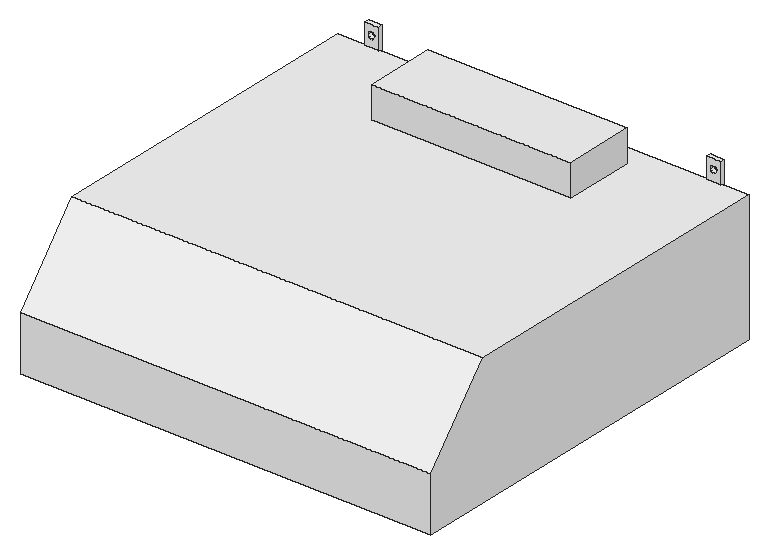
Revit family "v-316ky7_60Hz", category 機械設備, Revit 2019
Family settings
  丸型コネクタ寸法 = 直径を使用
  パーツ タイプ = 標準
  OmniClass 番号 = 23.75.35.17.27
  OmniClass タイトル = Centrifugal Fans
  作業面ベース = いいえ
  常に垂直 = はい
  ロード時にボイドで切り取り = いいえ
  共有 = いいえ
  部屋計算ポイント = いいえ
Parameters (values of type "V-316KY7")
  騒音レベル(dB(A)) = 46
  風量 = 570.0 m³/h
  電源種別 [instance] = ""
  電圧 = 100 V
  電動機出力 = 0 W
  電動機_種別 = ""
  集中コントローラ = ""
  運転質量 = 0.00 kg
  連動 [instance] = ""
  質量 = if(製品質量 > 運転質量, 製品質量, 運転質量) * 1.2  # 14.40 kg
  負荷分類 = 3_ファン類
  説明 = "レンジフードファン 浅形 標準タイプ"
  設計風量 = 0.0 m³/h
  設置方法 = "天吊"
  記号 [instance] = ""
  製造元 = "三菱電機株式会社"
  製品質量 = 12.00 kg
  製品出荷対象 = "国内"
  製品リリース年月 = "2022年6月1日"
  製品グループ = ""
  系統 [instance] = ""
  符号 = if(☑給気／□排気, "FS", "FE")  # "FE"
  積算_科目 = "2 換気設備"
  積算_拾い区分 [instance] = ""
  相 = 1
  盤記号 [instance] = ""
  発停方法 [instance] = ""
  特殊仕様 [instance] = ""
  火災停止 [instance] = ""
  消費電力 = 84 W
  法定耐用年数 = "15"
  機外静圧_排気 = 210.0 Pa
  機外静圧 = 0.0 Pa
  極数 = 2
  材質 [instance] = ""
  操作・制御方式 = ""
  操作・制御スイッチ = ""
  排気量 = 0.0 m³/h
  形式 = "片吸込形"
  幹線記号 [instance] = ""
  対象室 [instance] = ""
  実風量 = 0.0 m³/h
  始動方式 [instance] = "直入"
  天吊用穴_D3 = 336 mm
  天吊用穴_D2 = 310 mm
  天吊用穴_D1 = 15 mm
  天吊用穴_ピッチ = 500 mm
  外気量 = 0.0 m³/h
  呼称 = "遠心送風機"
  周波数 = 60 Hz
  取付金具_穴位置 = 16 mm
  取付金具_径 = 10 mm
  取付金具_ピッチ = 500 mm
  取付金具_H = 30 mm
  取付金具_Depth = 6 mm
  参照している仕様書等のバージョン = ""
  分類コード = "50052503100060"
  分類グループ = ""
  価格 = 61700
  企業コード = "108420"
  付属品_フィルター_還気 = ""
  付属品_フィルター = ""
  付属品 [instance] = ""
  仕様書バージョン = "Version1.0"
  モデル = "V-316KY7"
  マテリアル = 鋼板(白)
  ファンの種類 = ""
  ダクト高 = 102 mm
  ダクト幅 = 291 mm
  コメント [instance] = ""
  Keynote = ""
  Assembly Code = ""
  ☑給気／□排気 = no
  Width = 600 mm
  W1 = Width / 2  # 300 mm
  Version = ""
  Uniclass2015Version = "Systems v1.9"
  Uniclass2015Title = "Centrifugal fans"
  Uniclass2015Code = "Pr_65_67_29_12"
  URL = "https://www.mitsubishielectric.co.jp/ldg/wink/ssl/displayProduct.do?pid=320500"
  SpecificationReference = ""
  SpecificationDescription = ""
  Revision = ""
  ProductInformation = ""
  OmniClassCode = "23-33 31 19 13 15"
  MIN風量 = 360.0 m³/h
  MIN静圧 = 0.0 Pa
  MID風量 = 0.0 m³/h
  MID静圧 = 0.0 Pa
  MAX風量 = 570.0 m³/h
  MAX静圧 = 0.0 Pa
  IfcTypeProduct = ""
  IfcProduct = ""
  IfcExportType = "CENTRIFUGALFORWARDCURVED"
  IfcExportAs = "IfcFanType"
  Height = 190 mm
  H1 = 110 mm
  EAダクト接続口_後部 = not(EAダクト接続口_上部)  # no
  EAダクト接続口_上部 = yes
  EAサイズ_W = 291 mm
  EAサイズ_D = 102 mm
  Duct_Height = 46 mm
  Duct_H = 91 mm
  Duct_D = 80 mm
  Depth = 580 mm
  D1 = 95 mm
  Clearance Top = 0 mm
  Clearance Right = 0 mm
  Clearance Left = 0 mm
  Clearance Front = 0 mm
  Clearance Bottom = 0 mm
  Clearance Back = 0 mm
  Author = "三菱電機株式会社"
Reference planes
  plane 1 "中心(正面/背面)": y = 0
  plane 2: z = 0
  plane 3 "中心(左/右)": x = 0
  plane 4: x = -300
  plane 5: x = 300
  plane 6: y = -580
  plane 7: z = -190
  plane 8: z = -110
  plane 9: z = 46
  plane 10: y = -290
  plane 11: y = -485
  plane 12: y = -80
  plane 13: x = -250
  plane 14: x = 250
  plane 15: y = -15
  plane 16: x = -150
  plane 17: x = 150
  plane 18: z = 30
  plane 19: z = 16
  plane 20: x = -250
  plane 21: x = -260
  plane 22: x = -240
  plane 23: x = 250
  plane 24: x = 260
  plane 25: x = 240
  plane 26: y = 6
  plane 27: y = -29
  plane 28: y = -131
  plane 29: z = -91
  plane 30: z = -40
  plane 31: z = -142
  plane 32: y = 46
  plane 33: y = -325
  plane 34: y = -351
  plane 35: x = -145.5
  plane 36: x = 145.5
Forms (mm)
  Extrusion 1, solid, material "鋼板(白)" <- "マテリアル", detail levels fine
    sketch origin (0, 0, 0) x (1, 0, 0) y (0, 1, 0)
      loop
        line (-300, 0) -> (-300, -485) -> (300, -485) -> (300, 0) -> (-300, 0)
    from -190 to 0
  Blend 2, solid, material "鋼板(白)" <- "マテリアル", detail levels fine
    base sketch origin (0, 0, 0) x (1, 0, 0) y (0, 0, 1)
      loop
        line (-300, -190) -> (300, -190) -> (300, 0) -> (-300, 0) -> (-300, -190)
    top sketch origin (0, 0, 0) x (1, 0, 0) y (0, 0, 1)
      loop
        line (-300, -190) -> (300, -190) -> (300, -110) -> (-300, -110) -> (-300, -190)
    from 485 to 580
  Extrusion 3, solid, material "鋼板(白)" <- "マテリアル", visible <- "EAダクト接続口_上部", detail levels fine
    sketch origin (0, 0, 0) x (1, 0, 0) y (0, 1, 0)
      loop
        line (-145.5, -29) -> (-145.5, -131) -> (145.5, -131) -> (145.5, -29) -> (-145.5, -29)
    from 0 to 46
  Extrusion 4, solid, material "鋼板(白)" <- "マテリアル"
    sketch origin (0, 0, 0) x (1, 0, 0) y (0, 0, 1)
      loop
        line (-260, 30) -> (-260, -190) -> (-240, -190) -> (-240, 30) -> (-260, 30)
      loop
        line (240, 30) -> (240, -190) -> (260, -190) -> (260, 30) -> (240, 30)
      loop
        circle (250, 16) r 5
      loop
        circle (-250, 16) r 5
    from -6 to 0
  Extrusion 5, solid, material "鋼板(白)" <- "マテリアル", visible <- "EAダクト接続口_後部"
    sketch origin (0, 0, 0) x (1, 0, 0) y (0, 0, 1)
      loop
        line (-145.5, -40) -> (-145.5, -142) -> (145.5, -142) -> (145.5, -40) -> (-145.5, -40)
    from -46 to 0
Cuts and joins
  joined: Extrusion 1, Blend 2
Lines and regions (mm)
  Masking region 1, detail levels coarse+medium
    outline origin (1326.5, 29, 0) x (1, 0, 0) y (0, 1, 0)
      loop
        line (-1626.5, -29) -> (-1626.5, -609) -> (-1026.5, -609) -> (-1026.5, -29) -> (-1626.5, -29)
  symbolic lines, detail levels coarse+medium
    curve 1: circle (-150, -290, 0) r 150 normal (0, 0, 1)
    curve 2: circle (150, -290, 0) r 150 normal (0, 0, 1)
Dimensions and locks
  equal spacing: plane 4, plane 3 "中心(左/右)", plane 5
  "Width": plane 4 to plane 5
  equal spacing: plane 6, plane 10, plane 1 "中心(正面/背面)"
  "Depth": plane 1 "中心(正面/背面)" to plane 6
  "Duct_D": plane 1 "中心(正面/背面)" to plane 12
  "Height": level to plane 7
  "Duct_Height": plane 9 to level
  equal spacing: plane 13, plane 3 "中心(左/右)", plane 14
  "天吊用穴_ピッチ": plane 13 to plane 14
  "天吊用穴_D1": plane 1 "中心(正面/背面)" to plane 15
  equal spacing: plane 4, plane 16, plane 3 "中心(左/右)"
  equal spacing: plane 3 "中心(左/右)", plane 17, plane 5
  "D1": plane 11 to plane 6
  "H1": level to plane 8
  "取付金具_H": plane 18 to level
  "取付金具_穴位置": plane 19 to level
  equal spacing: plane 22, plane 20, plane 21
  locked: plane 22 to plane 21 at 20
  equal spacing: plane 25, plane 23, plane 24
  locked: plane 25 to plane 24 at 20
  equal spacing: plane 23, plane 3 "中心(左/右)", plane 20
  "取付金具_ピッチ": plane 23 to plane 20
  "取付金具_Depth": plane 26 to plane 1 "中心(正面/背面)"
  equal spacing: plane 27, plane 12, plane 28
  "EAサイズ_D": plane 27 to plane 28
  "Duct_H": level to plane 29
  equal spacing: plane 30, plane 29, plane 31
  "EAサイズ_D": plane 30 to plane 31
  "Duct_Height": plane 1 "中心(正面/背面)" to plane 32
  "天吊用穴_D2": plane 15 to plane 33
  "天吊用穴_D3": plane 15 to plane 34
  equal spacing: plane 35, plane 3 "中心(左/右)", plane 36
  "EAサイズ_W": plane 35 to plane 36
  "W1": diameter of curve 1
  "W1": diameter of curve 2
  "取付金具_径": diameter of Extrusion 4 sketch curve  (x2)
  aligned and locked: level to plane 2
  aligned and locked: Masking region 1 to plane 4
  aligned and locked: plane 5 to Masking region 1
  aligned and locked: Masking region 1 to plane 6
  aligned and locked: Masking region 1 to plane 1 "中心(正面/背面)"
  aligned and locked: plane 1 "中心(正面/背面)" to Extrusion 1 sketch curve
  aligned and locked: plane 4 to Extrusion 1 sketch curve
  aligned and locked: plane 11 to Extrusion 1 sketch curve
  aligned and locked: Extrusion 1 sketch curve to plane 5
  aligned and locked: Blend 2 sketch curve to plane 7  (x2)
  aligned and locked: level to Blend 2 sketch curve
  aligned and locked: plane 5 to Blend 2 sketch curve
  aligned and locked: Blend 2 sketch curve to plane 4
  aligned and locked: var sketch to Blend 2 sketch curve
  aligned and locked: Extrusion 1 to plane 7
  aligned and locked: level to Extrusion 1
  aligned and locked: Blend 2 to plane 6
  aligned and locked: plane 11 to Blend 2
  aligned and locked: plane 9 to Extrusion 3
  aligned and locked: Extrusion 3 to level
  aligned and locked: plane 8 to Blend 2 sketch curve
  aligned and locked: nested 1 to plane 15
  aligned and locked: plane 13 to nested 1
  aligned and locked: plane 14 to nested 1
  aligned and locked: Extrusion 4 sketch curve to plane 18  (x2)
  aligned and locked: plane 21 to Extrusion 4 sketch curve
  aligned and locked: plane 22 to Extrusion 4 sketch curve
  aligned and locked: plane 7 to Extrusion 4 sketch curve  (x2)
  aligned and locked: plane 25 to Extrusion 4 sketch curve
  aligned and locked: plane 24 to Extrusion 4 sketch curve
  aligned and locked: plane 26 to Extrusion 4
  aligned and locked: plane 1 "中心(正面/背面)" to Extrusion 4
  aligned and locked: Extrusion 3 sketch curve to plane 27
  aligned and locked: Extrusion 3 sketch curve to plane 28
  aligned and locked: plane 30 to Extrusion 5 sketch curve
  aligned and locked: plane 31 to Extrusion 5 sketch curve
  aligned and locked: plane 32 to Extrusion 5
  aligned and locked: plane 1 "中心(正面/背面)" to Extrusion 5
  aligned and locked: plane 13 to nested 2
  aligned and locked: nested 2 to plane 33
  aligned and locked: plane 14 to nested 2
  aligned and locked: nested 3 to plane 34
  aligned and locked: plane 13 to nested 3
  aligned and locked: plane 14 to nested 3
  aligned and locked: plane 35 to Extrusion 3 sketch curve
  aligned and locked: plane 36 to Extrusion 3 sketch curve
  aligned and locked: plane 35 to Extrusion 5 sketch curve
  aligned and locked: plane 36 to Extrusion 5 sketch curve
Automatic sketch dimensions
  curve 1 to plane 10 = 0 mm
  curve 1 to plane 16 = 0 mm
  curve 2 to plane 10 = 0 mm
  curve 2 to plane 17 = 0 mm
  Extrusion 4 sketch curve to plane 19 = 0 mm  (x2)
  Extrusion 4 sketch curve to plane 20 = 0 mm
  plane 23 to Extrusion 4 sketch curve = 0 mm
  Masking region 1 sketch curve to plane 4 = 0 mm
  Masking region 1 sketch curve to plane 5 = 0 mm
  Masking region 1 sketch curve to plane 6 = 0 mm
  plane 1 "中心(正面/背面)" to Masking region 1 sketch curve = 0 mm
  Blend 2 sketch curve to plane 4 = 0 mm
Nested families
  nested 1: "固定点" at (-250, -15, 0), type "固定点"
    with W 500 mm, D 1000 mm
  nested 2: "固定点" at (-250, -325, 0), type "固定点"
    with W 500 mm, D 1000 mm
  nested 3: "固定点" at (-250, -351, 0), type "固定点"
    with W 500 mm, D 1000 mm
Connectors
  hvac at (0, -80, 46), driven by "ダクト幅", driven by "機外静圧", driven by "風量", driven by "ダクト高", driven by "ダクト幅"
    settings: on Extrusion 3, index 1, duct flow 570.0 m³/h, flow factor 0, pres drop 0.0 Pa, loss coef 0, conn angle 0.00°, conn width 291 mm, conn height 102 mm, conn diameter 291 mm, duct sys type 3, conn prof type 1, flow config 0, flow direction 2, loss method 4, conn ref index -1, conn util no, is conn primary yes, conn desc ""
  electrical at (0, -242.5, 0), driven by "極数", driven by "負荷分類", driven by "電圧", driven by "消費電力"
    settings: on cut or joined group of Extrusion 1, Blend 2, index 3, voltage 100 V, apparent load 84 VA, apparent load phase1 0 VA, apparent load phase2 0 VA, apparent load phase3 0 VA, power factor 1, load classification "3_ファン類", number of poles 2, system type 30, power factor state 1, is connector primary yes, connector utility no, sub classification motor no, connector description ""
  hvac at (0, 46, -91), driven by "ダクト高", driven by "ダクト幅", driven by "機外静圧", driven by "風量"
    settings: on Extrusion 5, index 5, duct flow 570.0 m³/h, flow factor 0, pres drop 0.0 Pa, loss coef 0, conn angle 0.00°, conn width 291 mm, conn height 102 mm, conn diameter 609.6 mm, duct sys type 3, conn prof type 1, flow config 0, flow direction 2, loss method 4, conn ref index -1, conn util no, is conn primary no, conn desc ""
Definition of nested family "固定点"
  Parameters (values of type "固定点")
    中心円 = 20 mm
    W [instance] = 1000 mm
    D [instance] = 1000 mm
  Reference planes
    plane 1 "中心(正面/背面)": y = 0
    plane 2: z = 0
    plane 3 "中心(左/右)": x = 0
    plane 4: x = 1000
  Lines and regions (mm)
    symbolic lines, detail levels fine
      curve 1: circle (0, 0, 0) r 10 normal (0, 0, 1)
      curve 2: circle (1000, 0, 0) r 10 normal (0, 0, 1)
      curve 3: line (-200, 0, 0) -> (1200, 0, 0)
      curve 4: line (0, 200, 0) -> (0, -200, 0)
      curve 5: line (1000, 200, 0) -> (1000, -200, 0)
  Dimensions and locks
    "W": plane 3 "中心(左/右)" to plane 4
    "中心円": diameter of curve 1
    "中心円": diameter of curve 2
    aligned and locked: level to plane 2
    aligned and locked: plane 3 "中心(左/右)" to curve 1
    aligned and locked: plane 1 "中心(正面/背面)" to curve 1
    aligned and locked: plane 1 "中心(正面/背面)" to curve 2
    aligned and locked: plane 4 to curve 2
    aligned and locked: plane 1 "中心(正面/背面)" to curve 3
    aligned and locked: curve 4 to plane 3 "中心(左/右)"
    aligned and locked: curve 5 to plane 4
  Automatic sketch dimensions
    curve 3 to plane 3 "中心(左/右)" = 200 mm
    curve 2 to curve 3 = 200 mm
    plane 1 "中心(正面/背面)" to curve 4 = 200 mm
    plane 1 "中心(正面/背面)" to curve 5 = 200 mm
    curve 5 to plane 1 "中心(正面/背面)" = 200 mm
    curve 4 to plane 1 "中心(正面/背面)" = 200 mm
